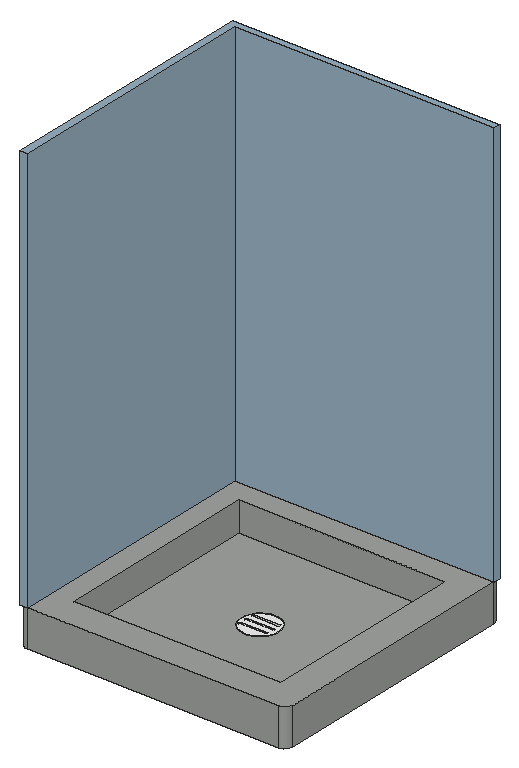
Revit family
Parameters (values of type "Shower Pan")
  Width = 3' - 0"
  Tile Wall RT = Tile
  Tile Wall Lft = Tile
  Tile Pan Material = Tile (4)
  Hight = 5' - 0"
  Drain Material = Metal - Chrome
  Depth = 3' - 0"
  Assembly Code = ""
Reference planes (in)
  plane 1 "Center (Front/Back)": y = 3
  plane 2: z = 0
  plane 3 "Center (Left/Right)": x = -3
  plane 4: x = -21
  plane 5: x = 15
  plane 6: y = 21
  plane 7: y = -15
  plane 8: z = 60
Forms (in)
  Extrusion 1, solid, material "Tile (4)" <- "Tile Pan Material"
    sketch origin (0, 0, 0) x (1, 0, 0) y (0, 1, 0)
      loop
        line (-21, 20) -> (-21, -14)
        arc (-21, -14) -> (-20.70711, -14.70711) -> (-20, -15) r 1
        line (-20, -15) -> (14, -15)
        arc (14, -15) -> (14.70711, -14.70711) -> (15, -14) r 1
        line (15, -14) -> (15, 20)
        arc (15, 20) -> (14.70711, 20.70711) -> (14, 21) r 1
        line (14, 21) -> (-20, 21)
        arc (-20, 21) -> (-20.70711, 20.70711) -> (-21, 20) r 1
    from 0 to 5
  Extrusion 2, void
    sketch origin (0, 0, 0) x (1, 0, 0) y (0, 1, 0)
      loop
        line (11, 17) -> (-17, 17) -> (-17, -11) -> (11, -11) -> (11, 17)
    from 1 to 5
  Extrusion 3, void
    sketch origin (0, 0, 0) x (1, 0, 0) y (0, 1, 0)
      loop
        circle (-3, 3) r 2.5
    from 0 to 1
  Extrusion 4, solid, material "Metal - Chrome" <- "Drain Material"
    sketch origin (0, 0, 0) x (1, 0, 0) y (0, 1, 0)
      loop
        circle (-3, 3) r 2.5
      loop
        arc (-4.75553, 4.24934) -> (-4.93021, 4.07465) -> (-4.75553, 3.89996) r 0.17469
        line (-4.75553, 3.89996) -> (-1.24447, 3.89996)
        arc (-1.24447, 3.89996) -> (-1.06979, 4.07465) -> (-1.24447, 4.24934) r 0.17469
        line (-1.24447, 4.24934) -> (-4.75553, 4.24934)
      loop
        arc (-4.75553, 3.17469) -> (-4.93021, 3) -> (-4.75553, 2.82531) r 0.17469
        line (-4.75553, 2.82531) -> (-1.24447, 2.82531)
        arc (-1.24447, 2.82531) -> (-1.06979, 3) -> (-1.24447, 3.17469) r 0.17469
        line (-1.24447, 3.17469) -> (-4.75553, 3.17469)
      loop
        line (-4.75553, 1.75066) -> (-1.24447, 1.75066)
        arc (-1.24447, 1.75066) -> (-1.06979, 1.92535) -> (-1.24447, 2.10004) r 0.17469
        line (-1.24447, 2.10004) -> (-4.75553, 2.10004)
        arc (-4.75553, 2.10004) -> (-4.93021, 1.92535) -> (-4.75553, 1.75066) r 0.17469
    from 0.75 to 1
  Extrusion 5, solid, material "Tile" <- "Tile Wall RT"
    sketch origin (0, 3, 0) x (1, 0, 0) y (0, 0, 1)
      loop
        line (-21, 5) -> (15, 5) -> (15, 60) -> (-21, 60) -> (-21, 5)
    from -18 to -17
  Extrusion 6, solid, material "Tile" <- "Tile Wall RT"
    sketch origin (-3, 0, 0) x (0, 1, 0) y (0, 0, 1)
      loop
        line (20, 5) -> (20, 60) -> (-15, 60) -> (-15, 5) -> (20, 5)
    from -18 to -17
Cuts and joins
  Extrusion 2, Extrusion 3 cuts Extrusion 1
  joined: Extrusion 5, Extrusion 6
Dimensions and locks (in)
  equal spacing: plane 4, plane 3 "Center (Left/Right)", plane 5
  "Width": plane 4 to plane 5
  equal spacing: plane 6, plane 1 "Center (Front/Back)", plane 7
  "Depth": plane 6 to plane 7
  Extrusion 1 to Extrusion 2 sketch curve = 0' - 4"
  "Hight": plane 8 to level
  locked: Extrusion 6 to plane 8 at 0
  locked: Extrusion 6 to plane 7 at 0
  locked: Extrusion 6 to plane 4 at 0
  locked: Extrusion 6 to Extrusion 6 at 1
  locked: Extrusion 5 to plane 6 at 1
  locked: Extrusion 5 to Extrusion 5 at 1
Automatic sketch dimensions
  Extrusion 1 sketch curve to plane 5 = 0' - 0"
  plane 4 to Extrusion 1 sketch curve = 0' - 1"
  Extrusion 1 sketch curve to plane 4 = 0' - 0"
  Extrusion 1 sketch curve to plane 6 = 0' - 0"
  Extrusion 1 sketch curve to plane 6 = 0' - 1"
  Extrusion 1 sketch curve to plane 5 = 0' - 1"
  Extrusion 1 sketch curve to plane 7 = 0' - 0"
  plane 7 to Extrusion 1 sketch curve = 0' - 1"
  Extrusion 2 sketch curve to plane 5 = 0' - 4"
  plane 4 to Extrusion 2 sketch curve = 0' - 4"
  Extrusion 2 sketch curve to plane 6 = 0' - 4"
  Extrusion 3 sketch curve to plane 1 "Center (Front/Back)" = 0' - 0"
  Extrusion 3 sketch curve to plane 3 "Center (Left/Right)" = 0' - 0"
  Extrusion 4 sketch curve to plane 1 "Center (Front/Back)" = 0' - 0"  (x2)
  Extrusion 4 sketch curve to plane 3 "Center (Left/Right)" = 0' - 0"
  Extrusion 4 sketch curve to plane 1 "Center (Front/Back)" = 0' - 0.17469"
  Extrusion 4 sketch curve to plane 3 "Center (Left/Right)" = 0' - 1.75553"
  Extrusion 4 sketch curve to Extrusion 4 sketch curve = 0' - 0"  (x4)
  plane 3 "Center (Left/Right)" to Extrusion 4 sketch curve = 0' - 1.75553"
  Extrusion 4 sketch curve to Extrusion 4 sketch curve = 0' - 0.72527"  (x2)
  Extrusion 4 sketch curve to Extrusion 4 sketch curve = 0' - 0.17469"  (x2)
  Extrusion 5 sketch curve to plane 4 = 0' - 0"
  Extrusion 5 sketch curve to plane 5 = 0' - 0"
  Extrusion 5 sketch curve to plane 8 = 0' - 0"
  level to Extrusion 5 sketch curve = 0' - 5"
  Extrusion 6 sketch curve to plane 7 = 0' - 0"
  Extrusion 6 sketch curve to plane 8 = 0' - 0"
  Extrusion 6 sketch curve to plane 6 = 0' - 1"
  level to Extrusion 6 sketch curve = 0' - 5"
  radius of Extrusion 3 sketch curve = 0' - 2 1/2"
  radius of Extrusion 4 sketch curve = 0' - 2 1/2"
